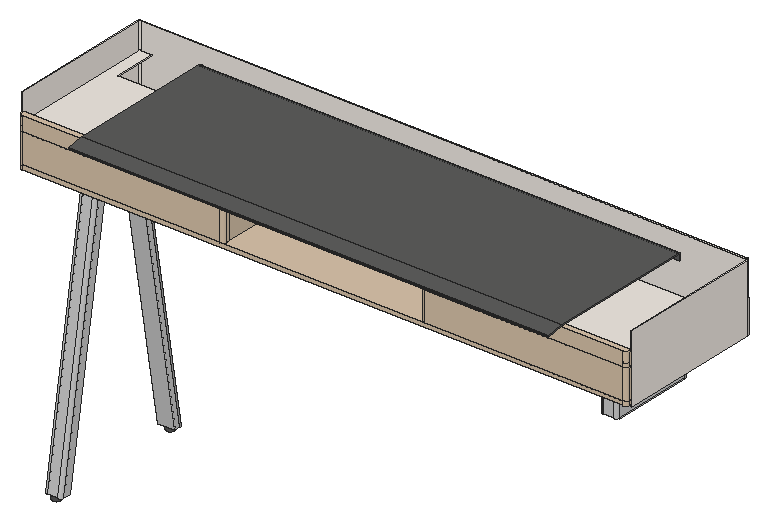
Revit family "Haworth_ActiveComponents_SideCar_Deluxe_BUILD", category Furniture Systems, Revit 2015
Parameters (values of type "72w 8h - Stanchion with Leg - Drawer Both Sides")
  Width = 72"
  Warranty = "http://www.haworth.com/resources/product-info/warranties"
  URL - Product = "http://www.haworth.com/products/workspaces/accessories/active-components"
  URL = "http://www.haworth.com/"
  Type Comments = ""
  Trim Finish [instance] = Haworth _ Metal _ Brushed Aluminum
  Top Finish [instance] = Haworth _ Leather _ Brisa _ Black Onyx XG-012
  Sustainability Info = "https://www.haworth.com/company-info/sustainability"
  Support Offset = (Actual Width - 6 3/8" - 4") / 2  # 30 13/16"
  Support Column = no
  Stanchion with Leg = yes
  Stanchion Offset = 4 1/4"  # constant formula
  Size = "Verify Final Dim. w/ Haworth"  # constant formula
  Shroud Finish [instance] = Haworth _ Paint _ Plaster
  Shelf Height = 1/2"  # constant formula
  Shelf Finish [instance] = Haworth _ Wood _ White Oak
  Revision Number = "1"  # constant formula
  No Supports = not(or(Support Column, Freestanding Support Leg_Double, Stanchion with Leg))  # no
  No Drawer = not(or(Drawer One Side, Drawer Both Side))  # no
  Model = "APSB, AQSB, ALSB, AZSB, ASSB, AYSB"  # constant formula
  Min. Width = 48"  # constant formula
  Min. Height = 8"  # constant formula
  Max. Width = 72"  # constant formula
  Max. Height = 14"  # constant formula
  Manufacturer = "Haworth"  # constant formula
  Left Leg Control = or(Freestanding Support Leg_Double, Stanchion with Leg)  # yes
  Height = 8"
  Freestanding Support Leg_Double = no
  Drawer Right Side Control = and(or(Drawer Both Side, Drawer One Side), Actual Width = 72")  # yes
  Drawer One Side Control = and(Drawer One Side, Actual Width < 72")  # no
  Drawer One Side = no
  Drawer Finish [instance] = Haworth _ Wood _ White Oak
  Drawer Left Side Control = and(Drawer Both Side, Actual Width = 72")  # yes
  Drawer Both Side = yes
  Divider 3 Cubbies Control = Actual Width = 72"  # yes
  Divider 2 Cubbies Control = not(Divider 3 Cubbies Control)  # no
  Description = "Haworth - Active Components - Deluxe Side Car - 72w 8h"
  Custom Size = not(or(Width = 48", Width = 60", Width = 72"))  # no
  Author = "Haworth (Alias)"  # constant formula
  Assembly Code = "E2020200"
  Actual Width = if(Width < Min. Width, Min. Width, if(Width > Max. Width, Max. Width, Width))  # 72"
  Actual Mounting Height = 33 1/2"  # constant formula
  Actual Height = if(Height < Min. Height, Min. Height, if(Height > Max. Height, Max. Height, Height))  # 8"
  Actual Depth = 18"  # constant formula
Types (4): name | Support Column | Stanchion with Leg | No Supports | Left Leg Control | Freestanding Support Leg_Double
  72w 8h - Panel Mounted - Drawer Both Sides | no | no | yes | no | no
  72w 8h - Panel Mounted with Column - Drawer Both Sides | yes | no | no | no | no
  72w 8h - Freestanding - Drawer Both Sides | no | no | no | yes | yes
  72w 8h - Stanchion with Leg - Drawer Both Sides | no | yes | no | yes | no
Reference planes (in)
  plane 1 "Back": y = -1.25
  plane 2: z = 0
  plane 3 "Center L/R": x = 0
  plane 4 "Left": x = -36
  plane 5 "Right": x = 36
  plane 6 "Front": y = -19.25
  plane 7 "Bottom Shelf": z = 33.5
  plane 8 "Center (Front/Back)": y = -10.25
  plane 9 "Left Inside": x = -35.875
  plane 10 "Right Inside": x = 35.875
  plane 11: y = -1.375
  plane 12: z = 41.5
  plane 13: x = -0.39062
  plane 14: x = 0.39063
  plane 15: z = 33.75
  plane 16: z = 34.25
  plane 17: z = 38.3125
  plane 18: z = 37.8125
  plane 19: x = -11.625
  plane 20: x = -12.375
  plane 21: x = 11.625
  plane 22: x = 12.375
  plane 23: x = -28.3125
  plane 24: x = 28.3125
  plane 25: z = 39.46875
  plane 26 "Reinforcement Chanel": z = 32.875
  plane 27: x = -30.8125
  plane 28: x = 30.8125
  plane 29: x = 31.75
Forms (in)
  Extrusion 1, solid, material "Haworth _ Wood _ White Oak" <- "Shelf Finish"
    sketch origin (0, 0, 0) x (1, 0, 0) y (0, 1, 0)
      loop
        arc (-35.875, -18.75) -> (-35.72855, -19.10355) -> (-35.375, -19.25) r 0.5
        line (-35.375, -19.25) -> (35.375, -19.25)
        arc (35.375, -19.25) -> (35.72855, -19.10355) -> (35.875, -18.75) r 0.5
        line (35.875, -18.75) -> (35.875, -6.54) -> (-35.875, -6.54) -> (-35.875, -18.75)
    from 37.8125 to 38.3125
  Extrusion 2, solid, material "Haworth _ Wood _ White Oak" <- "Shelf Finish", visible <- "Divider 2 Cubbies Control"
    sketch origin (0, 0, 0) x (1, 0, 0) y (0, 1, 0)
      loop
        line (-0.39062, -7.286) -> (-0.39062, -18.286) -> (0.39063, -18.286) -> (0.39063, -7.286) -> (-0.39062, -7.286)
    from 34.25 to 37.8125
  Extrusion 3, solid, material "Haworth _ Wood _ White Oak" <- "Shelf Finish", visible <- "Divider 3 Cubbies Control"
    sketch origin (0, 0, 0) x (1, 0, 0) y (0, 1, 0)
      loop
        line (-12.375, -7.286) -> (-12.375, -18.286) -> (-11.625, -18.286) -> (-11.625, -7.286) -> (-12.375, -7.286)
      loop
        line (12.375, -7.286) -> (11.625, -7.286) -> (11.625, -18.286) -> (12.375, -18.286) -> (12.375, -7.286)
    from 34.25 to 37.8125
  Extrusion 4, solid, material "Haworth _ Wood _ White Oak" <- "Shelf Finish"
    sketch origin (0, 0, 0) x (1, 0, 0) y (0, 1, 0)
      loop
        arc (-35.875, -18.75) -> (-35.72855, -19.10355) -> (-35.375, -19.25) r 0.5
        line (-35.375, -19.25) -> (35.375, -19.25)
        arc (35.375, -19.25) -> (35.72855, -19.10355) -> (35.875, -18.75) r 0.5
        line (35.875, -18.75) -> (35.875, -18.5) -> (-35.875, -18.5) -> (-35.875, -18.75)
    from 38.3125 to 39.46875
  Extrusion 5, solid, material "Haworth _ Wood _ White Oak" <- "Drawer Finish", visible <- "Drawer One Side Control"
    sketch origin (0, 0, 0) x (1, 0, 0) y (0, 1, 0)
      loop
        line (-0.39062, -18.45572) -> (-0.39062, -18.75)
        arc (-0.39062, -18.75) -> (-0.24418, -19.10355) -> (0.10938, -19.25) r 0.5
        line (0.10938, -19.25) -> (35.375, -19.25)
        arc (35.375, -19.25) -> (35.72855, -19.10355) -> (35.875, -18.75) r 0.5
        line (35.875, -18.75) -> (35.875, -18.45572) -> (-0.39062, -18.45572)
    from 34.25 to 37.8125
  Extrusion 6, solid, material "Haworth _ Wood _ White Oak" <- "Drawer Finish", visible <- "Drawer Right Side Control"
    sketch origin (0, 0, 0) x (1, 0, 0) y (0, 1, 0)
      loop
        line (11.625, -18.45572) -> (11.625, -18.75)
        arc (11.625, -18.75) -> (11.77145, -19.10355) -> (12.125, -19.25) r 0.5
        line (12.125, -19.25) -> (35.375, -19.25)
        arc (35.375, -19.25) -> (35.72855, -19.10355) -> (35.875, -18.75) r 0.5
        line (35.875, -18.75) -> (35.875, -18.45572) -> (11.625, -18.45572)
    from 34.25 to 37.8125
  Extrusion 7, solid, material "Haworth _ Wood _ White Oak" <- "Drawer Finish", visible <- "Drawer Left Side Control"
    sketch origin (0, 0, 0) x (-1, 0, 0) y (0, -1, 0)
      loop
        line (11.625, 18.45572) -> (35.875, 18.45572) -> (35.875, 18.75)
        arc (35.875, 18.75) -> (35.72855, 19.10355) -> (35.375, 19.25) r 0.5
        line (35.375, 19.25) -> (12.125, 19.25)
        arc (12.125, 19.25) -> (11.77145, 19.10355) -> (11.625, 18.75) r 0.5
        line (11.625, 18.75) -> (11.625, 18.45572)
    from 34.25 to 37.8125
  Sweep 8, solid, material "Haworth _ Wood _ White Oak" <- "Shelf Finish"
    path origin (0, -19.25, 0) x (-1, 0, 0) y (0, 0, 1)
      loop
        line (0, 33.5) -> (0, 33.75)
    profile origin (0, -19.25, 33.625) x (1, 0, 0) y (0, 1, 0)
      loop
        line (-34.0625, 1.25) -> (34.0625, 1.25)
        arc (34.0625, 1.25) -> (34.41605, 1.39645) -> (34.5625, 1.75) r 0.5
        line (34.5625, 1.75) -> (34.5625, 12.71) -> (22.34295, 12.71)
        arc (22.34295, 12.71) -> (22.14408, 12.79238) -> (22.0617, 12.99125) r 0.28125
        line (22.0617, 12.99125) -> (22.0617, 17.865) -> (-22.0617, 17.865) -> (-22.0617, 12.99125)
        arc (-22.0617, 12.99125) -> (-22.14408, 12.79238) -> (-22.34295, 12.71) r 0.28125
        line (-22.34295, 12.71) -> (-34.5625, 12.71) -> (-34.5625, 1.75)
        arc (-34.5625, 1.75) -> (-34.41605, 1.39645) -> (-34.0625, 1.25) r 0.5
  Sweep 9, solid, material "Haworth _ Wood _ White Oak" <- "Shelf Finish"
    path origin (0, -19.25, 0) x (-1, 0, 0) y (0, 0, 1)
      loop
        line (0, 33.75) -> (0, 34.25)
    profile origin (0, -19.25, 34) x (1, 0, 0) y (0, 1, 0)
      loop
        line (-35.375, 0) -> (35.375, 0)
        arc (35.375, 0) -> (35.72855, 0.14645) -> (35.875, 0.5) r 0.5
        line (35.875, 0.5) -> (35.875, 12.71) -> (22.34295, 12.71)
        arc (22.34295, 12.71) -> (22.14408, 12.79238) -> (22.0617, 12.99125) r 0.28125
        line (22.0617, 12.99125) -> (22.0617, 17.875) -> (-22.0617, 17.875) -> (-22.0617, 12.99125)
        arc (-22.0617, 12.99125) -> (-22.14408, 12.79238) -> (-22.34295, 12.71) r 0.28125
        line (-22.34295, 12.71) -> (-35.875, 12.71) -> (-35.875, 0.5)
        arc (-35.875, 0.5) -> (-35.72855, 0.14645) -> (-35.375, 0) r 0.5
  Sweep 10, solid, material "Haworth _ Paint _ Plaster" <- "Shroud Finish"
    path origin (0, -1.25, 0) x (1, 0, 0) y (0, 0, 1)
      loop
        line (0, 33.5) -> (0, 41.5)
    profile origin (0, -1.25, 37.5) x (-1, 0, 0) y (0, -1, 0)
      loop
        line (36, 17.312) -> (35.875, 17.312) -> (35.875, 0.32422)
        arc (35.875, 0.32422) -> (35.81665, 0.18335) -> (35.67578, 0.125) r 0.19922
        line (35.67578, 0.125) -> (-35.67578, 0.125)
        arc (-35.67578, 0.125) -> (-35.81665, 0.18335) -> (-35.875, 0.32422) r 0.19922
        line (-35.875, 0.32422) -> (-35.875, 17.312) -> (-36, 17.312) -> (-36, 0.32422)
        arc (-36, 0.32422) -> (-35.90504, 0.09496) -> (-35.67578, 0) r 0.32422
        line (-35.67578, 0) -> (35.67578, 0)
        arc (35.67578, 0) -> (35.90504, 0.09496) -> (36, 0.32422) r 0.32422
        line (36, 0.32422) -> (36, 17.312)
  Sweep 11, solid, material "Haworth _ Paint _ Plaster" <- "Shroud Finish"
    path origin (0, -10.25, 0) x (-1, 0, 0) y (0, 0, 1)
      loop
        line (0, 38.3125) -> (0, 38.42969)
    profile origin (0, -10.25, 38.37109) x (1, 0, 0) y (0, 1, 0)
      loop
        arc (20.99875, 8.835) -> (20.82197, 8.76178) -> (20.74875, 8.585) r 0.25
        line (20.74875, 8.585) -> (20.74875, -8.25) -> (35.875, -8.25) -> (35.875, 8.585)
        arc (35.875, 8.585) -> (35.80178, 8.76178) -> (35.625, 8.835) r 0.25
        line (35.625, 8.835) -> (34.40645, 8.835) -> (34.40645, 3.815) -> (22.2175, 3.815) -> (22.2175, 8.835) -> (20.99875, 8.835)
  Sweep 12, solid, material "Haworth _ Paint _ Plaster" <- "Shroud Finish"
    path origin (0, -10.25, 0) x (1, 0, 0) y (0, 0, 1)
      loop
        line (0, 38.3125) -> (0, 38.42969)
    profile origin (0, -10.25, 38.37109) x (1, 0, 0) y (0, 1, 0)
      loop
        line (-20.99875, 8.835) -> (-22.2175, 8.835) -> (-22.2175, 3.815) -> (-34.40645, 3.815) -> (-34.40645, 8.835) -> (-35.625, 8.835)
        arc (-35.625, 8.835) -> (-35.80178, 8.76178) -> (-35.875, 8.585) r 0.25
        line (-35.875, 8.585) -> (-35.875, -8.25) -> (-20.74875, -8.25) -> (-20.74875, 8.585)
        arc (-20.74875, 8.585) -> (-20.82197, 8.76178) -> (-20.99875, 8.835) r 0.25
  Sweep 13, solid, material "Haworth _ Leather _ Brisa _ Black Onyx XG-012" <- "Top Finish"
    path origin (0, 0, 33.5) x (0, 1, 0) y (-1, 0, 0)
      loop
        line (-10.25, 28.3125) -> (-10.25, -28.3125)
    profile origin (0, -10.25, 33.5) x (0, 1, 0) y (0, 0, 1)
      loop
        line (-11.0434, 5.96598) -> (-11.03296, 5.89171) -> (-9.05246, 6.17005) -> (8.23798, 6.17043)
        arc (8.23798, 6.17043) -> (8.26628, 6.15871) -> (8.278, 6.13042) r 0.04002
        line (8.278, 6.13042) -> (8.278, 5.44543) -> (8.353, 5.44543) -> (8.353, 6.12772)
        arc (8.353, 6.12772) -> (8.31852, 6.21095) -> (8.23529, 6.24543) r 0.11771
        line (8.23529, 6.24543) -> (-9.05502, 6.24543) -> (-11.0434, 5.96598)
  Sweep 14, solid, material "Haworth _ Metal _ Brushed Aluminum" <- "Trim Finish"
    path origin (0, 0, 32.875) x (0, -1, 0) y (1, 0, 0)
      loop
        line (10.25, -23.5625) -> (10.25, 23.5625)
    profile origin (0, -10.25, 32.875) x (0, 1, 0) y (0, 0, 1)
      loop
        arc (-0.555, 0) -> (-0.46661, 0.03661) -> (-0.43, 0.125) r 0.125
        line (-0.43, 0.125) -> (-0.43, 0.5075)
        arc (-0.43, 0.5075) -> (-0.41169, 0.5517) -> (-0.3675, 0.57) r 0.0625
        line (-0.3675, 0.57) -> (0.19, 0.57) -> (0.19, 0.63) -> (-0.365, 0.63)
        arc (-0.365, 0.63) -> (-0.45339, 0.59339) -> (-0.49, 0.505) r 0.125
        line (-0.49, 0.505) -> (-0.49, 0.1225)
        arc (-0.49, 0.1225) -> (-0.50831, 0.07831) -> (-0.5525, 0.06) r 0.0625
        line (-0.5525, 0.06) -> (-2.1775, 0.06)
        arc (-2.1775, 0.06) -> (-2.22169, 0.07831) -> (-2.24, 0.1225) r 0.0625
        line (-2.24, 0.1225) -> (-2.24, 0.505)
        arc (-2.24, 0.505) -> (-2.27661, 0.59339) -> (-2.365, 0.63) r 0.125
        line (-2.365, 0.63) -> (-2.92, 0.63) -> (-2.92, 0.57) -> (-2.3625, 0.57)
        arc (-2.3625, 0.57) -> (-2.31831, 0.5517) -> (-2.3, 0.5075) r 0.0625
        line (-2.3, 0.5075) -> (-2.3, 0.125)
        arc (-2.3, 0.125) -> (-2.26339, 0.03661) -> (-2.175, 0) r 0.125
        line (-2.175, 0) -> (-0.555, 0)
Cuts and joins
  joined: Extrusion 1, Extrusion 4
Lines and regions (in)
  Masking region 1
    outline origin (0, 0, 0) x (1, 0, 0) y (0, 1, 0)
      loop
        line (-36, -18.562) -> (-35.875, -18.562) -> (-35.875, -18.75)
        arc (-35.875, -18.75) -> (-35.72855, -19.10355) -> (-35.375, -19.25) r 0.5
        line (-35.375, -19.25) -> (35.375, -19.25)
        arc (35.375, -19.25) -> (35.72855, -19.10355) -> (35.875, -18.75) r 0.5
        line (35.875, -18.75) -> (35.875, -18.562) -> (36, -18.562) -> (36, -1.5)
        arc (36, -1.5) -> (35.92678, -1.32322) -> (35.75, -1.25) r 0.25
        line (35.75, -1.25) -> (-35.75, -1.25)
        arc (-35.75, -1.25) -> (-35.92678, -1.32322) -> (-36, -1.5) r 0.25
        line (-36, -1.5) -> (-36, -18.562)
  Masking region 2
    outline origin (0, 0, 0) x (1, 0, 0) y (0, 1, 0)
      loop
        line (-28.3125, -1.897) -> (-28.3125, -21.2934) -> (28.3125, -21.2934) -> (28.3125, -1.897) -> (-28.3125, -1.897)
Dimensions and locks (in)
  "Actual Mounting Height": plane 7 "Bottom Shelf" to level
  equal spacing: plane 4 "Left", plane 3 "Center L/R", plane 5 "Right"
  "Actual Width": plane 4 "Left" to plane 5 "Right"
  equal spacing: plane 1 "Back", plane 8 "Center (Front/Back)", plane 6 "Front"
  "Actual Depth": plane 1 "Back" to plane 6 "Front"
  locked: plane 4 "Left" to plane 9 "Left Inside" at 0.125
  locked: plane 10 "Right Inside" to plane 5 "Right" at 0.125
  locked: plane 11 to plane 1 "Back" at 0.125
  "Actual Height": plane 12 to plane 7 "Bottom Shelf"
  locked: plane 13 to plane 3 "Center L/R" at 0.39063
  locked: plane 3 "Center L/R" to plane 14 at 0.39063
  locked: plane 15 to plane 7 "Bottom Shelf" at 0.25
  locked: plane 16 to plane 15 at 0.5
  locked: plane 17 to plane 18 at 0.5
  locked: plane 18 to plane 16 at 3.5625
  locked: plane 20 to plane 19 at 0.75
  locked: plane 19 to plane 3 "Center L/R" at 11.625
  locked: plane 22 to plane 21 at 0.75
  locked: plane 3 "Center L/R" to plane 21 at 11.625
  locked: plane 4 "Left" to plane 23 at 7.6875
  locked: plane 24 to plane 5 "Right" at 7.6875
  locked: plane 25 to plane 17 at 1.15625
  locked: plane 4 "Left" to Sweep 8 sketch curve at 1.4375
  locked: Sweep 8 sketch curve to plane 5 "Right" at 1.4375
  locked: Sweep 8 sketch curve to plane 5 "Right" at 13.9383
  locked: plane 4 "Left" to Sweep 8 sketch curve at 13.9383
  locked: Sweep 9 sketch curve to plane 5 "Right" at 13.9383
  locked: plane 4 "Left" to Sweep 9 sketch curve at 13.9383
  locked: Extrusion 2 sketch curve to plane 8 "Center (Front/Back)" at 2.964
  locked: plane 8 "Center (Front/Back)" to Extrusion 2 sketch curve at 8.036
  locked: Extrusion 3 sketch curve to plane 8 "Center (Front/Back)" at 2.964  (x2)
  locked: plane 8 "Center (Front/Back)" to Extrusion 3 sketch curve at 8.036  (x2)
  locked: Sweep 11 sketch curve to plane 17 at 0.11719
  locked: Sweep 11 sketch curve to Sweep 11 sketch curve at 1.46875
  locked: Sweep 11 sketch curve to Sweep 11 sketch curve at 12.18895
  locked: Sweep 11 sketch curve to plane 10 "Right Inside" at 1.46855
  locked: Sweep 12 sketch curve to Sweep 12 sketch curve at 1.46875
  locked: Sweep 12 sketch curve to Sweep 12 sketch curve at 12.18895
  locked: Sweep 12 sketch curve to plane 17 at 0.11719
  locked: plane 9 "Left Inside" to Sweep 12 sketch curve at 1.46855
  locked: Extrusion 7 sketch curve to plane 6 "Front" at 0.79428
  locked: Extrusion 4 sketch curve to plane 6 "Front" at 0.75
  locked: plane 6 "Front" to Extrusion 6 sketch curve at 0.79428
  locked: plane 6 "Front" to Extrusion 5 sketch curve at 0.79428
  locked: plane 7 "Bottom Shelf" to plane 26 "Reinforcement Chanel" at 0.625
  locked: Sweep 14 sketch curve to plane 5 "Right" at 12.4375
  locked: plane 4 "Left" to Sweep 14 sketch curve at 12.4375
  "Support Offset": plane 3 "Center L/R" to plane 28
  "Support Offset": plane 27 to plane 3 "Center L/R"
  "Stanchion Offset": plane 29 to plane 5 "Right"
  aligned and locked: level to plane 2
  aligned and locked: plane 18 to Extrusion 1
  aligned and locked: Extrusion 1 to plane 17
  aligned and locked: Extrusion 1 sketch curve to plane 6 "Front"
  aligned and locked: Extrusion 1 sketch curve to plane 9 "Left Inside"
  aligned and locked: plane 10 "Right Inside" to Extrusion 1 sketch curve
  aligned and locked: Extrusion 2 sketch curve to plane 13
  aligned and locked: Extrusion 2 sketch curve to plane 14
  aligned and locked: plane 18 to Extrusion 2
  aligned and locked: Extrusion 2 to plane 16
  aligned and locked: plane 19 to Extrusion 3 sketch curve
  aligned and locked: Extrusion 3 sketch curve to plane 20
  aligned and locked: Extrusion 3 sketch curve to plane 22
  aligned and locked: Extrusion 3 sketch curve to plane 21
  aligned and locked: plane 18 to Extrusion 3
  aligned and locked: Extrusion 3 to plane 16
  aligned and locked: Extrusion 4 to plane 17
  aligned and locked: plane 25 to Extrusion 4
  aligned and locked: Extrusion 5 to plane 18
  aligned and locked: Extrusion 5 to plane 16
  aligned and locked: plane 13 to Extrusion 5 sketch curve
  aligned and locked: plane 10 "Right Inside" to Extrusion 5 sketch curve
  aligned and locked: Extrusion 6 sketch curve to plane 10 "Right Inside"
  aligned and locked: plane 21 to Extrusion 6 sketch curve
  aligned and locked: plane 9 "Left Inside" to Extrusion 7 sketch curve
  aligned and locked: plane 19 to Extrusion 7 sketch curve
  aligned and locked: Masking region 1 sketch curve to plane 6 "Front"
  aligned and locked: plane 5 "Right" to Masking region 1 sketch curve
  aligned and locked: Masking region 1 sketch curve to plane 10 "Right Inside"
  aligned and locked: Masking region 1 sketch curve to plane 1 "Back"
  aligned and locked: plane 4 "Left" to Masking region 1 sketch curve
  aligned and locked: plane 9 "Left Inside" to Masking region 1 sketch curve
  aligned and locked: Masking region 2 sketch curve to plane 24
  aligned and locked: Masking region 2 sketch curve to plane 23
  aligned and locked: plane 3 "Center L/R" to Sweep 8 sketch curve
  aligned and locked: plane 7 "Bottom Shelf" to Sweep 8 sketch curve
  aligned and locked: plane 15 to Sweep 8 sketch curve
  aligned and locked: plane 3 "Center L/R" to Sweep 9 sketch curve
  aligned and locked: plane 15 to Sweep 9 sketch curve
  aligned and locked: plane 16 to Sweep 9 sketch curve
  aligned and locked: plane 9 "Left Inside" to Sweep 9 sketch curve
  aligned and locked: Sweep 9 sketch curve to plane 6 "Front"
  aligned and locked: plane 10 "Right Inside" to Sweep 9 sketch curve
  aligned and locked: plane 11 to Sweep 9 sketch curve
  aligned and locked: plane 3 "Center L/R" to Sweep 10 sketch curve
  aligned and locked: plane 12 to Sweep 10 sketch curve
  aligned and locked: plane 7 "Bottom Shelf" to Sweep 10 sketch curve
  aligned and locked: plane 4 "Left" to Sweep 10 sketch curve
  aligned and locked: Sweep 10 sketch curve to plane 9 "Left Inside"
  aligned and locked: Sweep 10 sketch curve to plane 1 "Back"
  aligned and locked: Sweep 10 sketch curve to plane 11
  aligned and locked: plane 5 "Right" to Sweep 10 sketch curve
  aligned and locked: plane 10 "Right Inside" to Sweep 10 sketch curve
  aligned and locked: plane 3 "Center L/R" to Sweep 11 sketch curve
  aligned and locked: plane 17 to Sweep 11 sketch curve
  aligned and locked: Sweep 11 sketch curve to plane 10 "Right Inside"
  aligned and locked: plane 3 "Center L/R" to Sweep 12 sketch curve
  aligned and locked: plane 17 to Sweep 12 sketch curve
  aligned and locked: plane 9 "Left Inside" to Sweep 12 sketch curve
  aligned and locked: Sweep 13 sketch curve to plane 8 "Center (Front/Back)"
  aligned and locked: plane 24 to Sweep 13 sketch curve
  aligned and locked: plane 23 to Sweep 13 sketch curve
  aligned and locked: profile plane to plane 7 "Bottom Shelf"
  aligned and locked: profile plane to plane 8 "Center (Front/Back)"  (x2)
  aligned and locked: plane 6 "Front" to Extrusion 7 sketch curve
  aligned and locked: plane 18 to Extrusion 7
  aligned and locked: Extrusion 7 to plane 16
  aligned and locked: Extrusion 4 sketch curve to plane 6 "Front"
  aligned and locked: plane 10 "Right Inside" to Extrusion 4 sketch curve
  aligned and locked: Extrusion 4 sketch curve to plane 9 "Left Inside"
  aligned and locked: Extrusion 6 to plane 18
  aligned and locked: Extrusion 6 to plane 16
  aligned and locked: Extrusion 6 sketch curve to plane 6 "Front"
  aligned and locked: Extrusion 5 sketch curve to plane 6 "Front"
  aligned and locked: Sweep 14 sketch curve to plane 8 "Center (Front/Back)"
  aligned and locked: profile plane to plane 26 "Reinforcement Chanel"
  aligned and locked: plane 2 to nested 1
  aligned and locked: plane 2 to nested 2
  aligned and locked: plane 2 to nested 3
  aligned and locked: plane 2 to nested 4
  aligned and locked: nested 2 to plane 27
  aligned and locked: nested 1 to plane 28
  aligned and locked: nested 4 to plane 29
  aligned and locked: nested 3 to plane 27
  aligned and locked: nested 2 to plane 8 "Center (Front/Back)"
  aligned and locked: nested 3 to plane 8 "Center (Front/Back)"
  aligned and locked: nested 1 to plane 8 "Center (Front/Back)"
  aligned and locked: nested 4 to plane 8 "Center (Front/Back)"
Automatic sketch dimensions
  Extrusion 1 sketch curve to plane 9 "Left Inside" = 1/2"
  Extrusion 1 sketch curve to plane 10 "Right Inside" = 1/2"
  plane 8 "Center (Front/Back)" to Extrusion 1 sketch curve = 3.71"
  plane 6 "Front" to Extrusion 4 sketch curve = 1/2"
  Extrusion 4 sketch curve to Extrusion 4 sketch curve = 1/4"
  plane 3 "Center L/R" to Extrusion 5 sketch curve = 7/64"
  Extrusion 5 sketch curve to plane 10 "Right Inside" = 1/2"
  Extrusion 6 sketch curve to plane 22 = 1/4"
  Extrusion 6 sketch curve to Extrusion 6 sketch curve = 1/2"
  plane 20 to Extrusion 7 sketch curve = 1/4"
  Extrusion 7 sketch curve to Extrusion 7 sketch curve = 1/2"
  Masking region 1 sketch curve to plane 9 "Left Inside" = 1/8"
  Masking region 1 sketch curve to Masking region 1 sketch curve = 1/2"  (x2)
  Masking region 1 sketch curve to plane 10 "Right Inside" = 1/8"
  Masking region 1 sketch curve to Masking region 1 sketch curve = 0.188"  (x2)
  Masking region 2 sketch curve to plane 6 "Front" = 2.0434"
  plane 11 to Masking region 2 sketch curve = 0.522"
  Sweep 8 sketch curve to Sweep 8 sketch curve = 1/2"  (x2)
  Sweep 8 sketch curve to Sweep 8 sketch curve = 9/32"  (x2)
  plane 6 "Front" to Sweep 8 sketch curve = 1 1/4"
  Sweep 8 sketch curve to Sweep 8 sketch curve = 10.96"
  plane 6 "Front" to Sweep 8 sketch curve = 12.71"
  Sweep 8 sketch curve to Sweep 8 sketch curve = 4.87375"
  plane 6 "Front" to Sweep 9 sketch curve = 1/2"
  Sweep 9 sketch curve to Sweep 9 sketch curve = 9/32"  (x2)
  Sweep 9 sketch curve to Sweep 9 sketch curve = 1/2"
  Sweep 9 sketch curve to Sweep 9 sketch curve = 12.21"
  Sweep 9 sketch curve to Sweep 9 sketch curve = 5.165"
  Sweep 10 sketch curve to Sweep 10 sketch curve = 0"  (x4)
  Sweep 10 sketch curve to Sweep 10 sketch curve = 51/256"  (x2)
  Sweep 10 sketch curve to Sweep 10 sketch curve = 16.98778"  (x2)
  Sweep 11 sketch curve to Sweep 11 sketch curve = 1/4"  (x2)
  Sweep 11 sketch curve to plane 8 "Center (Front/Back)" = 8 1/4"
  plane 8 "Center (Front/Back)" to Sweep 11 sketch curve = 3.815"
  Sweep 11 sketch curve to Sweep 11 sketch curve = 4.77"  (x2)
  Sweep 12 sketch curve to plane 8 "Center (Front/Back)" = 8 1/4"
  Sweep 12 sketch curve to Sweep 12 sketch curve = 1/4"  (x2)
  plane 8 "Center (Front/Back)" to Sweep 12 sketch curve = 3.815"
  Sweep 12 sketch curve to Sweep 12 sketch curve = 4.77"  (x2)
  profile plane to Sweep 13 sketch curve = 11.0434"
  plane 7 "Bottom Shelf" to Sweep 13 sketch curve = 5.89171"
  Sweep 13 sketch curve to Sweep 13 sketch curve = 0.01044"
  Sweep 13 sketch curve to Sweep 13 sketch curve = 1.98838"
  Sweep 13 sketch curve to Sweep 13 sketch curve = 0.00256"
  Sweep 13 sketch curve to profile plane = 8.23529"
  Sweep 13 sketch curve to Sweep 13 sketch curve = 0.0027"  (x3)
  Sweep 13 sketch curve to Sweep 13 sketch curve = 0.04271"
  Sweep 13 sketch curve to Sweep 13 sketch curve = 0.075"
  plane 7 "Bottom Shelf" to Sweep 13 sketch curve = 5.44543"
  Sweep 13 sketch curve to Sweep 13 sketch curve = 0.07427"
  Sweep 14 sketch curve to plane 26 "Reinforcement Chanel" = 0.505"
  profile plane to Sweep 14 sketch curve = 2.365"
  Sweep 14 sketch curve to Sweep 14 sketch curve = 0.0025"  (x7)
  Sweep 14 sketch curve to Sweep 14 sketch curve = 1/16"  (x4)
  profile plane to Sweep 14 sketch curve = 0.555"
  Sweep 14 sketch curve to plane 26 "Reinforcement Chanel" = 1/8"
  Sweep 14 sketch curve to Sweep 14 sketch curve = 0.3825"
  Sweep 14 sketch curve to Sweep 14 sketch curve = 0.5575"
  Sweep 14 sketch curve to profile plane = 0.19"
  Sweep 14 sketch curve to Sweep 14 sketch curve = 0.06"  (x2)
Nested families (in)
  nested 1: "Haworth_ActiveComponents_SideCar_AngledLeg_Part" at (31.8125, -10.25, 0), visible <- "Freestanding Support Leg_Double", type "Leg"
  nested 2: "Haworth_ActiveComponents_SideCar_AngledLeg_Part" at (-31.8125, -10.25, 0), visible <- "Left Leg Control", type "Leg"
  nested 3: "Haworth_ActiveComponents_SideCar_Column_Part" at (-31.5, -10.25, 0), visible <- "Support Column", type "Column"
  nested 4: "Haworth_ActiveComponents_SideCar_Stanchion_Part" at (30.75, -10.25, 0), visible <- "Stanchion with Leg", type "Stanchion"
Definition of nested family "Haworth_ActiveComponents_SideCar_AngledLeg_Part"
  Parameters (values of type "Leg")
    Warranty = "https://www.haworth.com/resources/product-info/warranties"
    URL - Product = "https://www.haworth.com/products/workspaces/accessories/active-components"
    URL = "www.haworth.com"
    Trim Finish = none
    Note = "Verify Final Dim. w/ Haworth"  # constant formula
    Model = "Haworth Active Components"  # constant formula
    Manufacturer = "Haworth"  # constant formula
    Leg Height = 33 1/2"  # constant formula
    Glide Finish = none
    Description = "Haworth Active Components - Side Car Angled Leg"
    Author = "Haworth (Alias)"  # constant formula
    Assembly Code = ""
  Reference planes (in)
    plane 1 "Center (Front/Back)": y = 0
    plane 2 "Bottom": z = 0
    plane 3 "Center (Left/Right)": x = 0
    plane 4 "Glide End": z = 0.5
    plane 5 "Right": x = 1
    plane 6 "Left": x = -1
    plane 7 "Back": y = 8.9375
    plane 8 "Front": y = -8.9375
    plane 9: z = 33.5
  Forms (in)
    Extrusion 1, solid, material <- "Glide Finish"
      sketch origin (0, 0, 0) x (1, 0, 0) y (0, 1, 0)
        loop
          circle (0, -8.39063) r 0.5
        loop
          circle (0, 8.39062) r 0.5
      from 0 to 0.5
    Blend 2, solid, material <- "Trim Finish"
      base sketch origin (0, 0, 0) x (1, 0, 0) y (0, 1, 0)
        loop
          line (-0.625, -8.9375) -> (0.625, -8.9375)
          arc (0.625, -8.9375) -> (0.89017, -8.82767) -> (1, -8.5625) r 0.375
          line (1, -8.5625) -> (1, -7.75) -> (-1, -7.75) -> (-1, -8.5625)
          arc (-1, -8.5625) -> (-0.89017, -8.82767) -> (-0.625, -8.9375) r 0.375
      top sketch origin (0, 0, 0) x (1, 0, 0) y (0, 1, 0)
        loop
          line (-1, -2.01563) -> (-1, -2.82813)
          arc (-1, -2.82813) -> (-0.89017, -3.09329) -> (-0.625, -3.20313) r 0.375
          line (-0.625, -3.20313) -> (0.625, -3.20313)
          arc (0.625, -3.20313) -> (0.89017, -3.09329) -> (1, -2.82813) r 0.375
          line (1, -2.82813) -> (1, -2.01563) -> (-1, -2.01563)
      from 0.5 to 33.5
    Blend 3, solid, material <- "Trim Finish"
      base sketch origin (0, 0, 0) x (1, 0, 0) y (0, 1, 0)
        loop
          arc (-0.625, 8.9375) -> (-0.89017, 8.82767) -> (-1, 8.5625) r 0.375
          line (-1, 8.5625) -> (-1, 7.75) -> (1, 7.75) -> (1, 8.5625)
          arc (1, 8.5625) -> (0.89017, 8.82767) -> (0.625, 8.9375) r 0.375
          line (0.625, 8.9375) -> (-0.625, 8.9375)
      top sketch origin (0, 0, 0) x (1, 0, 0) y (0, 1, 0)
        loop
          line (-1, 2.01563) -> (1, 2.01563) -> (1, 2.82813)
          arc (1, 2.82813) -> (0.89017, 3.09329) -> (0.625, 3.20313) r 0.375
          line (0.625, 3.20313) -> (-0.625, 3.20313)
          arc (-0.625, 3.20313) -> (-0.89017, 3.09329) -> (-1, 2.82813) r 0.375
          line (-1, 2.82813) -> (-1, 2.01563)
      from 0.5 to 33.5
  Lines and regions (in)
    Masking region 1, detail levels medium+fine
      outline origin (0, 0, 0) x (1, 0, 0) y (0, 1, 0)
        loop
          arc (-0.625, 8.9375) -> (-0.89017, 8.82767) -> (-1, 8.5625) r 0.375
          line (-1, 8.5625) -> (-1, -8.5625)
          arc (-1, -8.5625) -> (-0.89017, -8.82767) -> (-0.625, -8.9375) r 0.375
          line (-0.625, -8.9375) -> (0.625, -8.9375)
          arc (0.625, -8.9375) -> (0.89017, -8.82767) -> (1, -8.5625) r 0.375
          line (1, -8.5625) -> (1, 8.5625)
          arc (1, 8.5625) -> (0.89017, 8.82767) -> (0.625, 8.9375) r 0.375
          line (0.625, 8.9375) -> (-0.625, 8.9375)
  Dimensions and locks (in)
    level to plane 4 "Glide End" = 1/2"
    locked: plane 4 "Glide End" to plane 2 "Bottom" at 0.5
    equal spacing: plane 8 "Front", plane 1 "Center (Front/Back)", plane 7 "Back"
    "Leg Height": plane 9 to plane 2 "Bottom"
    equal spacing: plane 6 "Left", plane 3 "Center (Left/Right)", plane 5 "Right"
    locked: plane 6 "Left" to plane 5 "Right" at 2
    locked: plane 8 "Front" to plane 7 "Back" at 17.875
    locked: Blend 2 sketch curve to plane 8 "Front" at 1.1875
    locked: Blend 2 sketch curve to plane 1 "Center (Front/Back)" at 2.01562
    locked: Blend 2 sketch curve to Blend 2 sketch curve at 1.1875
    locked: Blend 3 sketch curve to Blend 3 sketch curve at 1.1875
    locked: plane 7 "Back" to Blend 3 sketch curve at 1.1875
    locked: plane 1 "Center (Front/Back)" to Blend 3 sketch curve at 2.01562
    aligned and locked: Extrusion 1 to plane 2 "Bottom"
    aligned and locked: Extrusion 1 to plane 4 "Glide End"
    aligned and locked: Masking region 1 sketch curve to plane 5 "Right"
    aligned and locked: Masking region 1 sketch curve to plane 7 "Back"
    aligned and locked: Masking region 1 sketch curve to plane 6 "Left"
    aligned and locked: Masking region 1 sketch curve to plane 8 "Front"
    aligned and locked: plane 3 "Center (Left/Right)" to Extrusion 1 sketch curve  (x2)
    aligned and locked: plane 8 "Front" to Blend 2 sketch curve
    aligned and locked: plane 5 "Right" to Blend 2 sketch curve
    aligned and locked: plane 6 "Left" to Blend 2 sketch curve
    aligned and locked: Blend 2 sketch curve to plane 6 "Left"
    aligned and locked: Blend 2 sketch curve to plane 5 "Right"
    aligned and locked: plane 9 to Blend 2
    aligned and locked: plane 4 "Glide End" to Blend 2
    aligned and locked: Blend 3 sketch curve to plane 7 "Back"
    aligned and locked: Blend 3 sketch curve to plane 5 "Right"
    aligned and locked: Blend 3 sketch curve to plane 6 "Left"
    aligned and locked: plane 5 "Right" to Blend 3 sketch curve
    aligned and locked: plane 6 "Left" to Blend 3 sketch curve
    aligned and locked: plane 4 "Glide End" to Blend 3
    aligned and locked: plane 9 to Blend 3
  Automatic sketch dimensions
    Extrusion 1 sketch curve to plane 8 "Front" = 35/64"
    Extrusion 1 sketch curve to plane 7 "Back" = 35/64"
    Blend 2 sketch curve to plane 6 "Left" = 3/8"  (x2)
    Blend 2 sketch curve to plane 5 "Right" = 3/8"  (x2)
    plane 6 "Left" to Blend 3 sketch curve = 3/8"  (x2)
    plane 5 "Right" to Blend 3 sketch curve = 3/8"  (x2)
    Masking region 1 sketch curve to plane 6 "Left" = 3/8"  (x2)
    Masking region 1 sketch curve to plane 5 "Right" = 3/8"  (x2)
    radius of Extrusion 1 sketch curve = 1/2"  (x2)
Definition of nested family "Haworth_ActiveComponents_SideCar_Column_Part"
  Parameters (values of type "Column")
    Warranty = "https://www.haworth.com/resources/product-info/warranties"
    URL - Product = "https://www.haworth.com/products/workspaces/accessories/active-components"
    URL = "www.haworth.com"
    Trim Finish = none
    Note = "Verify Final Dim. w/ Haworth"  # constant formula
    Model = "Haworth Active Components"  # constant formula
    Manufacturer = "Haworth"  # constant formula
    Leg Height = 33 1/2"  # constant formula
    Glide Finish = none
    Description = "Haworth Active Components - Side Car Column"
    Author = "Haworth (Alias)"  # constant formula
    Assembly Code = ""
  Reference planes (in)
    plane 1 "Center (Front/Back)": y = 0
    plane 2 "Bottom": z = 0
    plane 3 "Center (Left/Right)": x = 0
    plane 4: z = 0.5
    plane 5 "Right": x = 0.6875
    plane 6 "Left": x = -0.6875
    plane 7 "Back": y = 1.09375
    plane 8 "Front": y = -1.09375
    plane 9: z = 33.5
  Forms (in)
    Extrusion 1, solid, material <- "Trim Finish"
      sketch origin (0, 0, 2.5625) x (-1, 0, 0) y (0, -1, 0)
        loop
          arc (0.3125, -1.09375) -> (0.57767, -0.98392) -> (0.6875, -0.71875) r 0.375
          line (0.6875, -0.71875) -> (0.6875, 0.71875)
          arc (0.6875, 0.71875) -> (0.57767, 0.98392) -> (0.3125, 1.09375) r 0.375
          line (0.3125, 1.09375) -> (-0.3125, 1.09375)
          arc (-0.3125, 1.09375) -> (-0.57767, 0.98392) -> (-0.6875, 0.71875) r 0.375
          line (-0.6875, 0.71875) -> (-0.6875, -0.71875)
          arc (-0.6875, -0.71875) -> (-0.57767, -0.98392) -> (-0.3125, -1.09375) r 0.375
          line (-0.3125, -1.09375) -> (0.3125, -1.09375)
      from -2.0625 to 30.9375
    Extrusion 2, solid, material <- "Glide Finish"
      sketch origin (0, 0, 0) x (1, 0, 0) y (0, 1, 0)
        loop
          circle (0, 0) r 0.53553
      from 0 to 0.5
  Lines and regions (in)
    Masking region 1, detail levels medium+fine
      outline origin (0, 0, 0) x (1, 0, 0) y (0, 1, 0)
        loop
          arc (-0.3125, 1.09375) -> (-0.57767, 0.98392) -> (-0.6875, 0.71875) r 0.375
          line (-0.6875, 0.71875) -> (-0.6875, -0.71875)
          arc (-0.6875, -0.71875) -> (-0.57767, -0.98392) -> (-0.3125, -1.09375) r 0.375
          line (-0.3125, -1.09375) -> (0.3125, -1.09375)
          arc (0.3125, -1.09375) -> (0.57767, -0.98392) -> (0.6875, -0.71875) r 0.375
          line (0.6875, -0.71875) -> (0.6875, 0.71875)
          arc (0.6875, 0.71875) -> (0.57767, 0.98392) -> (0.3125, 1.09375) r 0.375
          line (0.3125, 1.09375) -> (-0.3125, 1.09375)
  Dimensions and locks (in)
    level to plane 4 = 1/2"
    locked: plane 4 to plane 2 "Bottom" at 0.5
    equal spacing: plane 6 "Left", plane 3 "Center (Left/Right)", plane 5 "Right"
    locked: plane 6 "Left" to plane 5 "Right" at 1.375
    equal spacing: plane 8 "Front", plane 1 "Center (Front/Back)", plane 7 "Back"
    locked: plane 7 "Back" to plane 8 "Front" at 2.1875
    "Leg Height": plane 9 to plane 2 "Bottom"
    aligned and locked: Extrusion 2 to plane 2 "Bottom"
    aligned and locked: Extrusion 2 to plane 4
    aligned and locked: plane 4 to Extrusion 1
    aligned and locked: plane 1 "Center (Front/Back)" to Extrusion 2 sketch curve
    aligned and locked: plane 3 "Center (Left/Right)" to Extrusion 2 sketch curve
    aligned and locked: Extrusion 1 sketch curve to plane 5 "Right"
    aligned and locked: Extrusion 1 sketch curve to plane 6 "Left"
    aligned and locked: Extrusion 1 sketch curve to plane 7 "Back"
    aligned and locked: Extrusion 1 sketch curve to plane 8 "Front"
    aligned and locked: Masking region 1 sketch curve to plane 5 "Right"
    aligned and locked: Masking region 1 sketch curve to plane 7 "Back"
    aligned and locked: Masking region 1 sketch curve to plane 6 "Left"
    aligned and locked: Masking region 1 sketch curve to plane 8 "Front"
    aligned and locked: plane 9 to Extrusion 1
  Automatic sketch dimensions
    plane 3 "Center (Left/Right)" to Extrusion 1 sketch curve = 5/16"  (x2)
    Extrusion 1 sketch curve to plane 3 "Center (Left/Right)" = 5/16"  (x2)
    Masking region 1 sketch curve to plane 3 "Center (Left/Right)" = 5/16"  (x2)
    plane 3 "Center (Left/Right)" to Masking region 1 sketch curve = 5/16"  (x2)
    radius of Extrusion 2 sketch curve = 0.53553"
Definition of nested family "Haworth_ActiveComponents_SideCar_Stanchion_Part"
  Parameters (values of type "Stanchion")
    Warranty = "https://www.haworth.com/resources/product-info/warranties"
    URL - Product = "https://www.haworth.com/products/workspaces/accessories/active-components"
    URL = "www.haworth.com"
    Trim Finish = none
    Note = "Verify Final Dim. w/ Haworth"  # constant formula
    Model = "Haworth Active Components"  # constant formula
    Manufacturer = "Haworth"  # constant formula
    Stanchion Height = 29 3/16"  # constant formula
    Description = "Haworth Active Components - Side Car Stanchion"
    Author = "Haworth (Alias)"  # constant formula
    Assembly Code = ""
  Reference planes (in)
    plane 1 "Center (Front/Back)": y = 0
    plane 2 "Bottom": z = 0
    plane 3 "Center (Left/Right)": x = 0
    plane 4 "Right": x = 1
    plane 5 "Left": x = -1
    plane 6 "Back": y = 5.1875
    plane 7 "Front": y = -5.1875
    plane 8: z = 33.5
    plane 9: z = 29.1875
    plane 10: z = 29.29687
  Forms (in)
    Extrusion 1, solid, material <- "Trim Finish"
      sketch origin (0, 0, 0) x (1, 0, 0) y (0, 1, 0)
        loop
          arc (-0.625, 5.1875) -> (-0.89017, 5.07767) -> (-1, 4.8125) r 0.375
          line (-1, 4.8125) -> (-1, -4.8125)
          arc (-1, -4.8125) -> (-0.89017, -5.07767) -> (-0.625, -5.1875) r 0.375
          line (-0.625, -5.1875) -> (0.625, -5.1875)
          arc (0.625, -5.1875) -> (0.89017, -5.07767) -> (1, -4.8125) r 0.375
          line (1, -4.8125) -> (1, 4.8125)
          arc (1, 4.8125) -> (0.89017, 5.07767) -> (0.625, 5.1875) r 0.375
          line (0.625, 5.1875) -> (-0.625, 5.1875)
        loop
          arc (0.9375, 4.8125) -> (0.84597, 5.03347) -> (0.625, 5.125) r 0.3125
          line (0.625, 5.125) -> (-0.625, 5.125)
          arc (-0.625, 5.125) -> (-0.84597, 5.03347) -> (-0.9375, 4.8125) r 0.3125
          line (-0.9375, 4.8125) -> (-0.9375, -4.8125)
          arc (-0.9375, -4.8125) -> (-0.84597, -5.03347) -> (-0.625, -5.125) r 0.3125
          line (-0.625, -5.125) -> (0.625, -5.125)
          arc (0.625, -5.125) -> (0.84597, -5.03347) -> (0.9375, -4.8125) r 0.3125
          line (0.9375, -4.8125) -> (0.9375, 4.8125)
      from 29.29687 to 33.5
    Extrusion 2, solid, material <- "Trim Finish"
      sketch origin (0, 0, 0) x (1, 0, 0) y (0, 1, 0)
        loop
          line (1, 4.795) -> (0.85261, 4.795)
          arc (0.85261, 4.795) -> (0.76422, 4.75839) -> (0.72761, 4.67) r 0.125
          line (0.72761, 4.67) -> (0.72761, 3.54963)
          arc (0.72761, 3.54963) -> (0.69105, 3.46136) -> (0.60278, 3.4248) r 0.12483
          line (0.60278, 3.4248) -> (-0.727, 3.4248) -> (-0.727, 4.795) -> (-1, 4.795) -> (-1, -4.795) -> (-0.727, -4.795) -> (-0.727, -3.4248) -> (0.60278, -3.4248)
          arc (0.60278, -3.4248) -> (0.69105, -3.46136) -> (0.72761, -3.54963) r 0.12483
          line (0.72761, -3.54963) -> (0.72761, -4.67)
          arc (0.72761, -4.67) -> (0.76422, -4.75839) -> (0.85261, -4.795) r 0.125
          line (0.85261, -4.795) -> (1, -4.795) -> (1, 4.795)
      from 29.1875 to 29.29687
  Lines and regions (in)
    Masking region 1, detail levels medium+fine
      outline origin (0, 0, 0) x (1, 0, 0) y (0, 1, 0)
        loop
          arc (-0.625, 5.1875) -> (-0.89017, 5.07767) -> (-1, 4.8125) r 0.375
          line (-1, 4.8125) -> (-1, -4.8125)
          arc (-1, -4.8125) -> (-0.89017, -5.07767) -> (-0.625, -5.1875) r 0.375
          line (-0.625, -5.1875) -> (0.625, -5.1875)
          arc (0.625, -5.1875) -> (0.89017, -5.07767) -> (1, -4.8125) r 0.375
          line (1, -4.8125) -> (1, 4.8125)
          arc (1, 4.8125) -> (0.89017, 5.07767) -> (0.625, 5.1875) r 0.375
          line (0.625, 5.1875) -> (-0.625, 5.1875)
  Dimensions and locks (in)
    equal spacing: plane 7 "Front", plane 1 "Center (Front/Back)", plane 6 "Back"
    locked: plane 8 to plane 2 "Bottom" at 33.5
    equal spacing: plane 5 "Left", plane 3 "Center (Left/Right)", plane 4 "Right"
    locked: plane 5 "Left" to plane 4 "Right" at 2
    "Stanchion Height": plane 9 to plane 2 "Bottom"
    locked: plane 7 "Front" to plane 6 "Back" at 10.375
    locked: plane 10 to plane 9 at 0.10938
    aligned and locked: Masking region 1 sketch curve to plane 4 "Right"
    aligned and locked: Masking region 1 sketch curve to plane 6 "Back"
    aligned and locked: Masking region 1 sketch curve to plane 5 "Left"
    aligned and locked: Masking region 1 sketch curve to plane 7 "Front"
    aligned and locked: Extrusion 1 sketch curve to plane 4 "Right"
    aligned and locked: Extrusion 1 sketch curve to plane 5 "Left"
    aligned and locked: Extrusion 1 sketch curve to plane 6 "Back"
    aligned and locked: plane 7 "Front" to Extrusion 1 sketch curve
    aligned and locked: plane 8 to Extrusion 1
    aligned and locked: Extrusion 1 to plane 10
    aligned and locked: plane 10 to Extrusion 2
    aligned and locked: Extrusion 2 to plane 9
  Automatic sketch dimensions
    Masking region 1 sketch curve to plane 5 "Left" = 3/8"  (x2)
    Masking region 1 sketch curve to plane 4 "Right" = 3/8"  (x2)
    Extrusion 1 sketch curve to plane 5 "Left" = 3/8"  (x2)
    Extrusion 1 sketch curve to plane 4 "Right" = 3/8"
    Extrusion 1 sketch curve to Extrusion 1 sketch curve = 3/8"
    Extrusion 1 sketch curve to Extrusion 1 sketch curve = 0"  (x7)
    Extrusion 1 sketch curve to plane 5 "Left" = 1/16"
    Extrusion 2 sketch curve to plane 5 "Left" = 0"
    Extrusion 2 sketch curve to plane 4 "Right" = 0"
    Extrusion 2 sketch curve to plane 5 "Left" = 0.273"  (x2)
    Extrusion 2 sketch curve to plane 4 "Right" = 0.39722"  (x2)
    Extrusion 2 sketch curve to Extrusion 2 sketch curve = 0.12483"
    Extrusion 2 sketch curve to plane 4 "Right" = 0.27239"
    Extrusion 2 sketch curve to Extrusion 2 sketch curve = 1/8"  (x2)
    Extrusion 2 sketch curve to plane 7 "Front" = 0.3925"  (x2)
    Extrusion 2 sketch curve to Extrusion 2 sketch curve = 1.12037"
    Extrusion 2 sketch curve to plane 6 "Back" = 1.7627"
    Extrusion 2 sketch curve to plane 6 "Back" = 0.5175"
    Extrusion 2 sketch curve to plane 6 "Back" = 0.3925"
